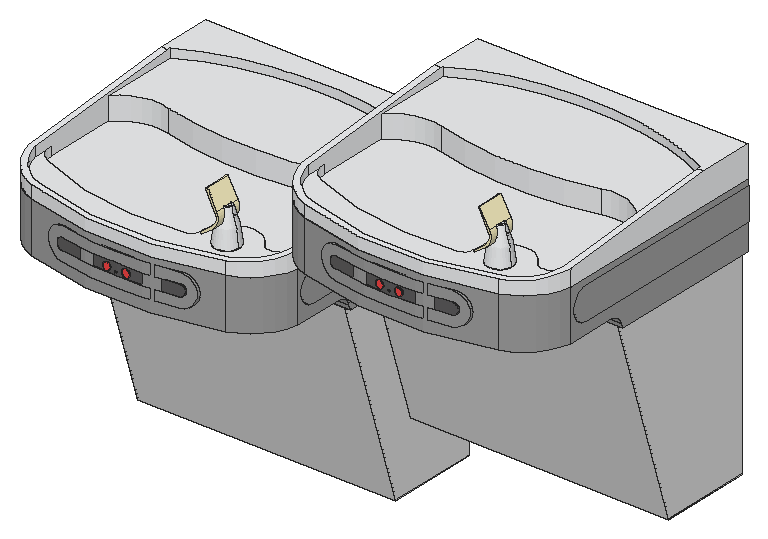
Revit family "Dual_Hands-free_Activation_Bi-level_ADA_Cooler-Elkay-LZOOSTL8LC", category Plumbing Fixtures, Revit 2022 (continued)
Definition of nested family "High Right ADA Cooler"
  Forms (in)
    Sweep 11, solid, visible <- "Right Hand High side model", detail levels fine
      profile origin (0, 0, 4.35827) x (-1, 0, 0) y (0, -1, 0)
        loop
          arc (-2.72163, 16.54187) -> (2.68754, 16.54148) -> (7.8811, 15.02955) r 19.1631
          arc (7.8811, 15.02955) -> (8.5176, 14.47192) -> (8.73697, 13.65465) r 1.45741
    Extrusion 12, solid, visible <- "Right Hand High side model", detail levels coarse+medium
      sketch origin (0, -20.5709, 6.40354) x (0, -1, 0) y (1, 0, 0)
        loop
          line (-20.5709, -9.2126) -> (-5.53941, -9.2126)
          arc (-5.53941, -9.2126) -> (-3.67109, -8.31334) -> (-2.52057, -6.58836) r 3.92954
          arc (-2.52057, -6.58836) -> (-1.45319, 0) -> (-2.52057, 6.58836) r 20.86692
          arc (-2.52057, 6.58836) -> (-3.67109, 8.31334) -> (-5.53941, 9.2126) r 3.92954
          line (-5.53941, 9.2126) -> (-20.5709, 9.2126) -> (-20.5709, -9.2126)
      from -6.55315 to 0
    Extrusion 13, solid, visible <- "Right Hand High side model"
      sketch origin (0.00765, -1.46482, 0.01326) x (1, 0, 0) y (0, 0, 1)
        loop
          arc (-3.97419, 3.15052) -> (-4.37419, 2.75052) -> (-3.97419, 2.35052) r 0.4
          line (-3.97419, 2.35052) -> (3.95889, 2.35052)
          arc (3.95889, 2.35052) -> (4.35889, 2.75052) -> (3.95889, 3.15052) r 0.4
          line (3.95889, 3.15052) -> (-3.97419, 3.15052)
        loop
          circle (-0.66516, 2.75052) r 0.26
        loop
          circle (0.62484, 2.75052) r 0.26
        loop
          circle (-0.00765, 2.60052) r 0.09
      from 16.98435 to 17.62967
    Extrusion 14, solid, visible <- "Right Hand High side model"
      sketch origin (0, 0, 0) x (1, 0, 0) y (0, 0, 1)
        loop
          circle (-0.65751, 2.76378) r 0.26
        loop
          circle (0.63249, 2.76378) r 0.26
        loop
          circle (0, 2.61378) r 0.09
      from 15.0315 to 19.04262
    Extrusion 15, solid, visible <- "Right Hand High side model"
      sketch origin (0, 0, 0) x (1, 0, 0) y (0, 0, 1)
        loop
          circle (0, 2.61378) r 0.09
      from 15.0315 to 19.04464
  Cuts and joins
    Extrusion 2 cuts Extrusion 1
    Extrusion 6 cuts Extrusion 5
    Extrusion 8, Sweep 9 cuts Extrusion 7
    Extrusion 6 cuts Extrusion 13
    Extrusion 8 cuts Extrusion 15
  Dimensions and locks (in)
    locked: plane 5 to plane 2 at 4.43701
    locked: plane 6 to plane 2 at 1
    locked: plane 7 to plane 1 "Center (Front/Back)" at 19.01181
    locked: plane 8 to plane 1 "Center (Front/Back)" at 15.0315
    locked: Extrusion 2 sketch curve to plane 7 at 1.06693
    locked: Extrusion 2 sketch curve to plane 2 at 1
    locked: plane 2 to Extrusion 2 sketch curve at 1.1811
    locked: plane 9 to plane 4 at 0.03937
    locked: plane 11 to plane 2 at 1.81102
    locked: plane 12 to plane 11 at 2.20472
    locked: plane 14 to plane 1 "Center (Front/Back)" at 13.73622
    locked: plane 13 to plane 1 "Center (Front/Back)" at 14.84252
    locked: plane 12 to Extrusion 4 sketch curve at 1.10236
    locked: plane 12 to Extrusion 3 sketch curve at 1.10236
    locked: plane 15 to plane 1 "Center (Front/Back)" at 19.09449
    equal spacing: plane 16, plane 3 "Center (Left/Right)", plane 17, locked at 3.96654 each
    locked: plane 16 to plane 17 at 7.93307
    plane 3 "Center (Left/Right)" to plane 17 = 3.96654"
    locked: plane 9 to plane 10 at 18.4252
    equal spacing: plane 9, plane 3 "Center (Left/Right)", plane 10, locked at 9.2126 each
    plane 9 to plane 3 "Center (Left/Right)" = 9.2126"
    locked: plane 18 to plane 10 at 0.03937
    locked: plane 8 to Extrusion 6 sketch curve at 1.93001
    locked: plane 8 to Extrusion 6 sketch curve at 1.94172
    locked: plane 19 to plane 5 at 2.11614
    locked: plane 20 to plane 1 "Center (Front/Back)" at 3.70945
    locked: plane 21 "Top" to plane 19 at 5.83057
    locked: plane 9 to plane 22 at 0.47244
    locked: plane 23 to plane 10 at 0.47244
    locked: plane 9 to plane 24 at 6.14173
    locked: plane 25 to plane 10 at 6.14173
    locked: plane 26 to plane 1 "Center (Front/Back)" at 6.23543
    locked: plane 19 to Sweep 10 sketch curve at 0.5689
    locked: Sweep 11 sketch curve to plane 19 at 1.55315
    locked: plane 19 to Extrusion 8 sketch curve at 1.34602
    locked: plane 7 to Extrusion 2 sketch curve at 8.79272
    locked: plane 27 to plane 15 at 3.06299
    locked: plane 28 to plane 10 at 4.2
    locked: plane 29 to plane 11 at 1.10236
    locked: Extrusion 13 sketch curve to plane 3 "Center (Left/Right)" at 0.63249
    locked: Extrusion 13 sketch curve to Extrusion 13 sketch curve at 1.29
    locked: plane 29 to Extrusion 13 sketch curve at 0.15
    "B1": radius of Extrusion 2 sketch curve
    "Side Panel Radius": radius of Extrusion 3 sketch curve
    "Side Panel Radius": radius of Extrusion 4 sketch curve
    "Side Panel Radius": radius of Extrusion 5 sketch curve  (x2)
    "Front Cut": radius of Extrusion 6 sketch curve
    "A1": radius of Extrusion 1 sketch curve
    "A2": radius of Extrusion 1 sketch curve
    aligned and locked: plane 2 to level
    aligned and locked: Extrusion 1 sketch curve to plane 1 "Center (Front/Back)"
    aligned and locked: plane 8 to Extrusion 1 sketch curve  (x2)
    aligned and locked: plane 5 to Extrusion 1
    aligned and locked: Extrusion 1 to level
    aligned and locked: Extrusion 3 sketch curve to plane 1 "Center (Front/Back)"
    aligned and locked: plane 14 to Extrusion 3 sketch curve
    aligned and locked: Extrusion 3 to plane 10
    aligned and locked: Extrusion 4 to plane 9
    aligned and locked: plane 4 to Extrusion 4
    aligned and locked: Extrusion 5 sketch curve to plane 12
    aligned and locked: plane 11 to Extrusion 5 sketch curve
    aligned and locked: plane 8 to Extrusion 5
    aligned and locked: plane 5 to Extrusion 6
    aligned and locked: Extrusion 6 to plane 2
    aligned and locked: Extrusion 1 sketch curve to plane 4
    aligned and locked: Extrusion 1 sketch curve to plane 18
    aligned and locked: Extrusion 2 to plane 9
    aligned and locked: plane 10 to Extrusion 2
    aligned and locked: Extrusion 3 to cut or joined group of Extrusion 1, Extrusion 2
    aligned and locked: Extrusion 6 to plane 9
    aligned and locked: Extrusion 6 to plane 15
    aligned and locked: plane 10 to Extrusion 6
    aligned and locked: Extrusion 7 sketch curve to plane 18
    aligned and locked: Extrusion 7 sketch curve to plane 4
    aligned and locked: Extrusion 7 sketch curve to cut or joined group of Extrusion 1, Extrusion 2  (x2)
    aligned and locked: Extrusion 7 sketch curve to plane 1 "Center (Front/Back)"
    aligned and locked: Extrusion 7 to plane 5
    aligned and locked: plane 19 to Extrusion 7
    aligned and locked: Extrusion 8 to plane 9
    aligned and locked: plane 10 to Extrusion 8
    aligned and locked: Extrusion 7 to cut or joined group of Extrusion 1, Extrusion 2
    aligned and locked: plane 19 to Sweep 9 sketch curve
    aligned and locked: plane 5 to Sweep 9 sketch curve
    aligned and locked: plane 12 to Sweep 10 sketch curve
    aligned and locked: plane 12 to Sweep 11 sketch curve
    aligned and locked: Extrusion 8 sketch curve to plane 15
    aligned and locked: Extrusion 8 sketch curve to plane 19
    aligned and locked: Extrusion 12 sketch curve to plane 1 "Center (Front/Back)"
    aligned and locked: Extrusion 12 to plane 2
    aligned and locked: plane 19 to Extrusion 12
    aligned and locked: Extrusion 12 sketch curve to plane 10
    aligned and locked: Extrusion 12 to plane 9
    aligned and locked: Extrusion 4 to plane 1 "Center (Front/Back)"
    aligned and locked: nested 1 to plane 28
    aligned and locked: nested 1 to plane 27
    aligned and locked: Sweep 11 to nested 1
    aligned and locked: plane 1 "Center (Front/Back)" to nested 2
    aligned and locked: plane 3 "Center (Left/Right)" to nested 2
    aligned and locked: level to nested 2
    aligned and locked: cut or joined group of Extrusion 5, Extrusion 6 to plane 15
    aligned and locked: plane 17 to Extrusion 13 sketch curve
    aligned and locked: plane 29 to Extrusion 13 sketch curve  (x4)
    aligned and locked: plane 16 to Extrusion 13 sketch curve
    aligned and locked: plane 3 "Center (Left/Right)" to Extrusion 13 sketch curve
    aligned and locked: Extrusion 5 sketch curve to cut or joined group of Extrusion 6, Extrusion 13  (x6)
    aligned and locked: Extrusion 14 sketch curve to cut or joined group of Extrusion 6, Extrusion 13  (x3)
    aligned and locked: cut or joined group of Extrusion 1, Extrusion 2 to Extrusion 14
    aligned and locked: cut or joined group of Extrusion 5, Extrusion 6 to Extrusion 14
    aligned and locked: Extrusion 15 sketch curve to cut or joined group of Extrusion 6, Extrusion 13
    aligned and locked: cut or joined group of Extrusion 1, Extrusion 2 to Extrusion 15
    aligned and locked: Extrusion 15 to cut or joined group of Extrusion 5, Extrusion 6
  Automatic sketch dimensions
    Extrusion 5 sketch curve to plane 16 = 0.000"  (x2)
    level to Extrusion 2 sketch curve = 0.31312"
    Extrusion 3 sketch curve to plane 1 "Center (Front/Back)" = 0.000"
    Extrusion 4 sketch curve to plane 14 = 0.000"
    Extrusion 4 sketch curve to plane 1 "Center (Front/Back)" = 0.000"
    Extrusion 6 sketch curve to plane 9 = 0.000"
    Extrusion 6 sketch curve to plane 15 = 0.000"
    plane 10 to Extrusion 6 sketch curve = 0.000"
    Extrusion 7 sketch curve to plane 8 = 0.000"
    plane 13 to Extrusion 7 sketch curve = 0.51898"
    Extrusion 7 sketch curve to Extrusion 7 sketch curve = 0.000"
    Extrusion 1 sketch curve to plane 8 = 0.000"
    plane 13 to Extrusion 1 sketch curve = 0.51898"
    plane 3 "Center (Left/Right)" to Extrusion 1 sketch curve = 0.01153"
    plane 13 to Extrusion 1 sketch curve = 0.47799"
    Extrusion 1 sketch curve to plane 1 "Center (Front/Back)" = 2.42645"
    Extrusion 1 sketch curve to Extrusion 1 sketch curve = 0.000"
    plane 3 "Center (Left/Right)" to Sweep 9 sketch curve = 0.72234"
    Sweep 10 sketch curve to plane 3 "Center (Left/Right)" = 0.000"
    Sweep 11 sketch curve to plane 3 "Center (Left/Right)" = 0.000"
    Sweep 11 sketch curve to Sweep 11 sketch curve = 1.90608"
    Sweep 11 sketch curve to Sweep 11 sketch curve = 0.02767"
    profile plane to Sweep 11 sketch curve = 0.13855"
    profile plane to Sweep 11 sketch curve = 0.01841"
    Sweep 11 sketch curve to Sweep 11 sketch curve = 0.00876"
    Sweep 11 sketch curve to profile plane = 5.39646"
    Sweep 11 sketch curve to Sweep 11 sketch curve = 1.88387"
    Sweep 11 sketch curve to Sweep 11 sketch curve = 0.62156"
    Sweep 11 sketch curve to plane 1 "Center (Front/Back)" = 2.08757"
    Sweep 11 sketch curve to Sweep 11 sketch curve = 0.33952"
    Sweep 11 sketch curve to Sweep 11 sketch curve = 0.00252"
    Sweep 11 sketch curve to Sweep 11 sketch curve = 0.000"  (x6)
    Sweep 11 sketch curve to Sweep 11 sketch curve = 0.51062"
    profile plane to Sweep 11 sketch curve = 2.63833"
    Sweep 11 sketch curve to Sweep 11 sketch curve = 2.51915"
    Sweep 11 sketch curve to Sweep 11 sketch curve = 0.27255"
    Sweep 11 sketch curve to Sweep 11 sketch curve = 1.30461"
    plane 1 "Center (Front/Back)" to Sweep 11 sketch curve = 13.70173"
    Sweep 11 sketch curve to Sweep 11 sketch curve = 0.58124"
    Sweep 11 sketch curve to Sweep 11 sketch curve = 0.62557"
    Sweep 11 sketch curve to Sweep 11 sketch curve = 0.89761"
    Sweep 11 sketch curve to Sweep 11 sketch curve = 1.5379"
    Sweep 11 sketch curve to Sweep 11 sketch curve = 0.05171"
    Sweep 11 sketch curve to Sweep 11 sketch curve = 1.43726"
    Extrusion 8 sketch curve to plane 20 = 0.000"
    profile plane to Sweep 9 sketch curve = 0.71073"
    Sweep 9 sketch curve to plane 1 "Center (Front/Back)" = 2.38498"
    plane 1 "Center (Front/Back)" to Sweep 9 sketch curve = 3.54162"
    Sweep 9 sketch curve to Sweep 9 sketch curve = 10.82342"
    Sweep 9 sketch curve to profile plane = 4.71107"
    Sweep 9 sketch curve to Sweep 9 sketch curve = 0.04091"
    Sweep 9 sketch curve to Sweep 9 sketch curve = 0.66649"
    Sweep 9 sketch curve to Sweep 9 sketch curve = 0.6275"
    profile plane to Sweep 9 sketch curve = 6.11931"
    Sweep 9 sketch curve to Sweep 9 sketch curve = 3.30691"
    plane 1 "Center (Front/Back)" to Sweep 9 sketch curve = 3.54233"
    profile plane to Sweep 9 sketch curve = 0.72282"
    plane 1 "Center (Front/Back)" to Sweep 9 sketch curve = 7.23769"
    Sweep 9 sketch curve to Sweep 9 sketch curve = 0.000"
    Sweep 9 sketch curve to Sweep 9 sketch curve = 2.66899"
    plane 1 "Center (Front/Back)" to Sweep 10 sketch curve = 3.5434"
    Sweep 10 sketch curve to Sweep 10 sketch curve = 5.25684"
    Sweep 10 sketch curve to Sweep 10 sketch curve = 2.26621"
    profile plane to Sweep 10 sketch curve = 8.73997"
    Sweep 10 sketch curve to Sweep 10 sketch curve = 2.42911"
    Sweep 10 sketch curve to profile plane = 6.31113"
    plane 1 "Center (Front/Back)" to Sweep 10 sketch curve = 2.80725"
    Sweep 10 sketch curve to Sweep 10 sketch curve = 0.73804"
    Sweep 10 sketch curve to Sweep 10 sketch curve = 4.43143"
    Sweep 10 sketch curve to Sweep 10 sketch curve = 3.20498"
    Sweep 10 sketch curve to Sweep 10 sketch curve = 3.20478"
    Sweep 10 sketch curve to Sweep 10 sketch curve = 1.56146"
    profile plane to Sweep 10 sketch curve = 0.00129"
    profile plane to Sweep 10 sketch curve = 0.00042"
    Sweep 10 sketch curve to Sweep 10 sketch curve = 0.87529"
    Sweep 10 sketch curve to Sweep 10 sketch curve = 2.66884"
    Extrusion 12 sketch curve to plane 3 "Center (Left/Right)" = 0.000"
    Extrusion 12 sketch curve to plane 8 = 0.000"  (x2)
    Extrusion 12 sketch curve to plane 9 = 0.000"
    plane 13 to Extrusion 12 sketch curve = 0.52072"  (x2)
    plane 28 to Extrusion 12 sketch curve = 0.33508"
    plane 7 to Extrusion 12 sketch curve = 0.96148"
    Extrusion 12 sketch curve to Extrusion 12 sketch curve = 0.000"  (x2)
    plane 29 to Extrusion 13 sketch curve = 0.400"
    Extrusion 5 sketch curve to Extrusion 5 sketch curve = 0.000"  (x7)
    Extrusion 5 sketch curve to plane 17 = 0.000"
    Extrusion 14 sketch curve to Extrusion 14 sketch curve = 0.000"  (x4)
    Extrusion 15 sketch curve to Extrusion 15 sketch curve = 0.000"  (x2)
    radius of Extrusion 13 sketch curve = 0.260"  (x2)
    radius of Extrusion 13 sketch curve = 0.090"
  Nested families (in)
    nested 1: "Soft side flexi bubbler" at (5.12522, -16.0315, 4.81028), visible <- "Right Hand High side model", type "Soft side flexi bubbler"
    nested 2: "Wrapper" at (0, 0, -0.14961), Main Material <- "Main Material", Material_Wrapper <- "Material_Wrapper", visible <- "Right Hand High side model", type "Wrapper"
      with Material_Wrapper none, Main Material none
  Definition of nested family "Soft side flexi bubbler"
    Parameters (values of type "Soft side flexi bubbler")
      Width = 1.73228"
      Repair Parts URL = ""
      R5 = 2.43553"
      R4 = 0.27768"
      R3 = 0.06515"
      R2 = 0.83542"
      R1 = 8.14279"
      Product data URL = ""
      Product Page URL = ""
      Product Installation Sheet URL = ""
      Product Documentation Link = ""
      Modified Date = ""
      Manufacturer Brand = ""
      Main Material = none
      Flow Rate (GPM) = 0 GPM
      Default Elevation = 0.000"
      Date Created = ""
      C1 = 0.70913"
      B3 = 0.02457"
      B2 = 0.84908"
      B1 = 0.70913"
    Reference planes (in)
      plane 1 "Center (Front/Back)": y = 0
      plane 2: z = 0
      plane 3 "Center (Left/Right)": x = 0
      plane 4: y = 0.86614
      plane 5: y = -0.86614
      plane 6: z = 2.43553
    Forms (in)
      Revolve 1, solid, material <- "Main Material", detail levels fine
        sketch origin (0, 0, 0) x (1, 0, 0) y (0, 0, 1)
          loop
            line (0, 0) -> (0.83542, 0) -> (0.83542, 0.04012)
            arc (0.83542, 0.04012) -> (0.67418, 1.23507) -> (0.33825, 2.39311) r 8.14279
            arc (0.33825, 2.39311) -> (0.31457, 2.42375) -> (0.27768, 2.43553) r 0.06515
            line (0.27768, 2.43553) -> (0, 2.43553) -> (0, 0)
          axis (0, 2.43553) -> (0, 0)
        angle from 0 to 360
      Extrusion 2, solid
        sketch origin (0, 0, 0) x (1, 0, 0) y (0, 0, 1)
          loop
            line (-0.76217, 3.49537) -> (-0.10679, 2.26207)
            arc (-0.10679, 2.26207) -> (-0.03691, 1.79391) -> (-0.27718, 1.38608) r 0.70913
            line (-0.27718, 1.38608) -> (-1.0634, 0.72636)
            arc (-1.0634, 0.72636) -> (-1.07177, 0.71201) -> (-1.0691, 0.69562) r 0.02457
            line (-1.0691, 0.69562) -> (-1.0485, 0.65847)
            arc (-1.0485, 0.65847) -> (-1.03275, 0.64681) -> (-1.01362, 0.65105) r 0.02362
            line (-1.01362, 0.65105) -> (-0.19804, 1.26564)
            arc (-0.19804, 1.26564) -> (0.12178, 1.76856) -> (0.03226, 2.35779) r 0.84908
            line (0.03226, 2.35779) -> (-0.645, 3.57032)
            arc (-0.645, 3.57032) -> (-0.66097, 3.58229) -> (-0.68055, 3.57847) r 0.02457
            line (-0.68055, 3.57847) -> (-0.75468, 3.52655)
            arc (-0.75468, 3.52655) -> (-0.76433, 3.51238) -> (-0.76217, 3.49537) r 0.0242
        from 0.86614 to -0.86614
      Extrusion 3, void
        sketch origin (0, 0, 0) x (-1, 0, 0) y (0, 0, 1)
          loop
            arc (0.0238, 2.27009) -> (-0.0478, 1.80074) -> (0.19275, 1.39142) r 0.70913
            line (0.19275, 1.39142) -> (1.85098, 0) -> (2.23979, 0) -> (2.23979, 3.86814) -> (0.88181, 3.86814) -> (0.0238, 2.27009)
        from -0.86614 to 0.86614
      Extrusion 4, solid, material <- "Main Material", detail levels coarse+medium
        sketch origin (0, 0, 0) x (1, 0, 0) y (0, 1, 0)
          loop
            circle (0, 0) r 0.83542
        from 0 to 2.43553
    Cuts and joins
      Extrusion 3 cuts Revolve 1
    Dimensions and locks (in)
      "R2": Revolve 1 sketch curve to plane 3 "Center (Left/Right)"
      "R4": Revolve 1 sketch curve to plane 3 "Center (Left/Right)"
      equal spacing: plane 4, plane 1 "Center (Front/Back)", plane 5
      plane 4 to plane 1 "Center (Front/Back)" = 0.86614"
      "Width": plane 4 to plane 5
      Extrusion 2 sketch curve to Extrusion 2 sketch curve = 0.13864"
      locked: Extrusion 2 sketch curve to Extrusion 2 sketch curve at 0.16881
      locked: Extrusion 2 sketch curve to Extrusion 2 sketch curve at 0.14411
      locked: Extrusion 2 sketch curve to Extrusion 2 sketch curve at 0.09027
      locked: plane 3 "Center (Left/Right)" to Extrusion 3 sketch curve at 2.23979
      locked: Extrusion 3 sketch curve to plane 2 at 3.86814
      locked: Extrusion 3 sketch curve to Extrusion 3 sketch curve at 3.02622
      locked: Extrusion 3 sketch curve to Extrusion 3 sketch curve at 0.24992
      "R5": plane 6 to plane 2
      "R1": radius of Revolve 1 sketch curve
      "R3": radius of Revolve 1 sketch curve
      "B1": radius of Extrusion 2 sketch curve
      "B2": radius of Extrusion 2 sketch curve
      "B3": radius of Extrusion 2 sketch curve  (x2)
      "C1": radius of Extrusion 3 sketch curve
      "R2": radius of Extrusion 4 sketch curve
      aligned and locked: plane 2 to level
      aligned and locked: Revolve 1 sketch curve to plane 3 "Center (Left/Right)"
      aligned and locked: Revolve 1 sketch curve to plane 2
      aligned and locked: plane 4 to Extrusion 2
      aligned and locked: Extrusion 2 to plane 5
      aligned and locked: Extrusion 3 sketch curve to Extrusion 3 sketch curve
      aligned and locked: Extrusion 3 sketch curve to plane 2
      aligned and locked: Extrusion 2 to Extrusion 3
      aligned and locked: Extrusion 3 to Extrusion 2
      aligned and locked: plane 1 "Center (Front/Back)" to Extrusion 4 sketch curve
      aligned and locked: plane 3 "Center (Left/Right)" to Extrusion 4 sketch curve
      aligned and locked: Extrusion 4 to plane 2
      aligned and locked: plane 6 to Revolve 1 sketch curve
      aligned and locked: plane 6 to Extrusion 4
    Automatic sketch dimensions
      Revolve 1 sketch curve to plane 3 "Center (Left/Right)" = 0.000"
      Revolve 1 sketch curve to level = 0.44826"
      Revolve 1 sketch curve to plane 3 "Center (Left/Right)" = 7.29271"
      Revolve 1 sketch curve to Revolve 1 sketch curve = 0.00048"
      Revolve 1 sketch curve to Revolve 1 sketch curve = 1.37749"
      Revolve 1 sketch curve to Revolve 1 sketch curve = 0.61691"
      level to Extrusion 2 sketch curve = 0.69562"
      Extrusion 2 sketch curve to plane 3 "Center (Left/Right)" = 1.0691"
      level to Extrusion 2 sketch curve = 0.72636"
      Extrusion 2 sketch curve to Extrusion 2 sketch curve = 0.0057"
      level to Extrusion 2 sketch curve = 0.65847"
      Extrusion 2 sketch curve to Extrusion 2 sketch curve = 0.02066"
      Extrusion 2 sketch curve to plane 3 "Center (Left/Right)" = 0.76217"
      Extrusion 2 sketch curve to Extrusion 2 sketch curve = 0.00749"
      Extrusion 2 sketch curve to Extrusion 2 sketch curve = 0.01388"
      Extrusion 3 sketch curve to plane 3 "Center (Left/Right)" = 0.19275"
      Extrusion 3 sketch curve to plane 3 "Center (Left/Right)" = 0.0238"
      Extrusion 2 sketch curve to Extrusion 2 sketch curve = 0.3304"
  Definition of nested family "Wrapper"
    Parameters (values of type "Wrapper")
      Thickness = 0.03937"
      Repair Parts URL = ""
      Product data URL = ""
      Product Weight (lbs) = 0
      Product Page URL = ""
      Product Installation Sheet URL = ""
      Product Documentation Link = ""
      Operating Water Pressure (PSI) = ""
      Modified Date = ""
      Max Working Water Temperature = -459.67 °F
      Material_Wrapper [instance] = none
      Manufacturer Brand = ""
      Main Material [instance] = none
      Inlet Connection Size (inch) = 0.000"
      Flush Rate (GPF) = ""
      Flow Rate (GPM) = 0 GPM
      Default Elevation = 0.000"
      Date Created = ""
      Angle = 107.585°
      Aerator Flow Rate (GPM) = 0.0 gal
      Activation Method = ""
    Reference planes (in)
      plane 1 "Center (Front/Back)": y = 0
      plane 2: z = 0
      plane 3 "Center (Left/Right)": x = 0
      plane 4: x = 8.79
      plane 5: x = -8.79
      plane 6: x = 8.75063
      plane 7: x = -8.75063
      plane 8: y = -6.21053
      plane 9: z = -13.72819
      plane 10: z = -13.68882
      plane 11: y = -10.59342
      plane 12: x = -8.31795
      plane 13: x = 8.31756
      plane 14: y = -0.03937
    Forms (in)
      Sweep 1, solid, material <- "Material_Wrapper", detail levels fine
        path origin (0, 0, 0) x (1, 0, 0) y (0, 1, 0)
          loop
            line (-8.79, -6.21053) -> (8.79, -6.21053)
        profile origin (0, -6.21053, 0) x (0, 1, 0) y (0, 0, 1)
          loop
            line (-4.3829, 0) -> (-0.0319, -13.72819) -> (0.0094, -13.72819) -> (-4.3416, 0) -> (-4.3829, 0)
      Extrusion 2, solid, material <- "Material_Wrapper", detail levels fine
        sketch origin (0, 0, 0) x (0, 1, 0) y (0, 0, 1)
          loop
            line (-10.59342, 0) -> (-6.24243, -13.72819) -> (0, -13.72819) -> (0, 0) -> (-10.59342, 0)
        from 8.75063 to 8.79
      Extrusion 3, solid, material <- "Material_Wrapper", detail levels fine
        sketch origin (0, 0, 0) x (0, 1, 0) y (0, 0, 1)
          loop
            line (-10.59342, 0) -> (-6.24243, -13.72819) -> (0, -13.72819) -> (0, 0) -> (-10.59342, 0)
        from -8.75063 to -8.79
      Sweep 4, solid, material <- "Material_Wrapper", detail levels fine
        path origin (0, -6.24243, -13.72819) x (1, 0, 0) y (0, 1, 0)
          loop
            line (8.79, 6.24243) -> (8.79, 0.0319) -> (-8.79, 0.0319) -> (-8.79, 6.24243)
        profile origin (-8.79, -3.10526, -13.72819) x (-1, 0, 0) y (0, 0, 1)
          loop
            line (0, 0) -> (0, 0.03937) -> (-0.47205, 0.03937) -> (-0.47205, 0) -> (0, 0)
      Extrusion 5, solid, material <- "Material_Wrapper", detail levels fine
        sketch origin (0, 0, 0) x (1, 0, 0) y (0, 0, 1)
          loop
            line (-8.79, 0) -> (-8.79, -13.72819) -> (-8.31795, -13.72819) -> (-8.31795, 0) -> (-8.79, 0)
          loop
            line (8.31756, 0) -> (8.31756, -13.72819) -> (8.79, -13.72819) -> (8.79, 0) -> (8.31756, 0)
        from 0 to 0.03937
      Sweep 6, solid, material <- "Material_Wrapper", detail levels coarse+medium
        path origin (0, 0, 0) x (1, 0, 0) y (0, 1, 0)
          loop
            line (-8.79, -10.59342) -> (8.79, -10.59342)
        profile origin (0, -10.59342, 0) x (0, 1, 0) y (0, 0, 1)
          loop
            line (0, 0) -> (4.351, -13.72819) -> (10.59342, -13.72819) -> (10.59342, 0) -> (0, 0)
    Cuts and joins
      joined: Sweep 1, Extrusion 2, Extrusion 3, Extrusion 5
    Dimensions and locks (in)
      equal spacing: plane 5, plane 3 "Center (Left/Right)", plane 4
      plane 3 "Center (Left/Right)" to plane 4 = 8.790"
      locked: plane 5 to plane 4 at 17.58
      "Thickness": plane 6 to plane 4
      "Thickness": plane 5 to plane 7
      locked: plane 8 to plane 1 "Center (Front/Back)" at 6.21053
      locked: plane 2 to plane 9 at 13.72819
      locked: plane 11 to plane 1 "Center (Front/Back)" at 10.59342
      locked: plane 5 to plane 12 at 0.47205
      locked: plane 13 to plane 4 at 0.47244
      "Thickness": plane 9 to plane 10
      "Thickness": plane 14 to plane 1 "Center (Front/Back)"
      "Angle": angle Extrusion 2 sketch curve to Sweep 1
      "Angle": angle Extrusion 2 to Extrusion 3 sketch curve
      "Angle": angle Sweep 6 sketch curve to Sweep 6 sketch curve
      aligned and locked: level to plane 2
      aligned and locked: Extrusion 2 sketch curve to plane 1 "Center (Front/Back)"
      aligned and locked: Extrusion 2 sketch curve to plane 2
      aligned and locked: Extrusion 2 sketch curve to plane 9
      aligned and locked: plane 4 to Extrusion 2
      aligned and locked: Extrusion 2 to plane 6
      aligned and locked: Extrusion 3 sketch curve to level
      aligned and locked: Extrusion 3 sketch curve to plane 1 "Center (Front/Back)"
      aligned and locked: Extrusion 3 sketch curve to plane 9
      aligned and locked: plane 7 to Extrusion 3
      aligned and locked: Extrusion 3 to plane 5
      aligned and locked: Extrusion 2 sketch curve to Sweep 1
      aligned and locked: Extrusion 3 sketch curve to Sweep 1
      aligned and locked: plane 8 to Sweep 4 sketch curve
      aligned and locked: plane 1 "Center (Front/Back)" to Sweep 4 sketch curve  (x2)
      aligned and locked: plane 10 to Sweep 4 sketch curve
      aligned and locked: Sweep 4 sketch curve to plane 12
      aligned and locked: Sweep 1 sketch curve to plane 8
      aligned and locked: plane 5 to Sweep 1 sketch curve
      aligned and locked: plane 4 to Sweep 1 sketch curve
      aligned and locked: plane 5 to Extrusion 5 sketch curve
      aligned and locked: Extrusion 5 sketch curve to plane 2  (x2)
      aligned and locked: plane 12 to Extrusion 5 sketch curve
      aligned and locked: Extrusion 5 sketch curve to plane 9  (x2)
      aligned and locked: Extrusion 5 sketch curve to plane 4
      aligned and locked: plane 13 to Extrusion 5 sketch curve
      aligned and locked: Extrusion 5 to plane 14
      aligned and locked: Extrusion 5 to plane 1 "Center (Front/Back)"
      aligned and locked: plane 5 to Sweep 6 sketch curve
      aligned and locked: plane 4 to Sweep 6 sketch curve
      aligned and locked: plane 11 to Sweep 6 sketch curve  (x2)
      aligned and locked: Sweep 6 sketch curve to plane 9
      aligned and locked: Sweep 6 sketch curve to plane 2
      aligned and locked: Sweep 6 sketch curve to plane 1 "Center (Front/Back)"
    Automatic sketch dimensions
      Sweep 1 sketch curve to level = 0.000"
      profile plane to Sweep 1 sketch curve = 0.0319"
      profile plane to Sweep 1 sketch curve = 4.3416"
      Sweep 1 sketch curve to Sweep 1 sketch curve = 0.0413"
      Sweep 1 sketch curve to profile plane = 0.0094"
      Sweep 1 sketch curve to level = 13.72819"
      Sweep 4 sketch curve to plane 5 = 0.000"
      Sweep 4 sketch curve to plane 4 = 0.000"
      Sweep 4 sketch curve to plane 9 = 0.000"
      Sweep 4 sketch curve to profile plane = 0.000"
Types (2): name | Electrical connection distance from center
  (no name) | 0.875"
  LZOOSTL8LC  (Dual Hands-free Activation Wall Mount Bi-level ADA Cooler) | 0.000"
